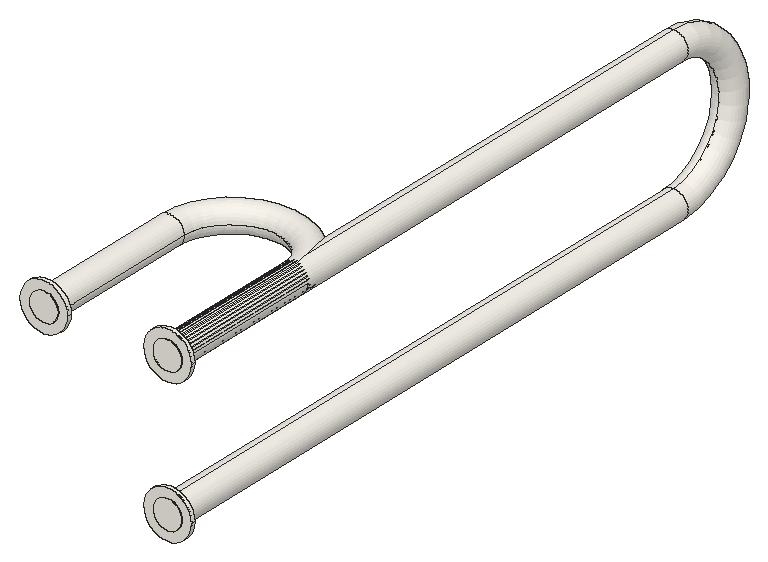
Revit family "Barra para bacia sanitária central", category Generic Models, host Wall, Revit 2016
Family settings
  Host = Wall
  Part Type = Normal
  Can host rebar = No
  Round Connector Dimension = Use Diameter
  Always vertical = Yes
  Cut with Voids When Loaded = No
  Shared = No
  Room Calculation Point = No
Parameters (values of type "60x40cm")
  Raio = 15 cm
  OFCD_Price [instance] = 0
  OFCD_PartNumber = ""
  OFCD_Line_GUID = ""
  OFCD_Line = ""
  OFCD_IsMain [instance] = no
  OFCD_Is3D [instance] = no
  OFCD_Group [instance] = ""
  OFCD_FullPartNumber [instance] = ""
  OFCD_FinishesCodes [instance] = ""
  OFCD_Finishes [instance] = ""
  OFCD_Description = ""
  OFCD_Author_GUID = ""
  OFCD_Author = ""
  Model = ""
  Diâmetro do tubo = 1.8 cm
  Description = ""
  Comprimento = 60 cm
  Barra de apoio = BARRA CROMADA
  Assembly Code = ""
  Altura da barra = 90 cm
  Afastamento = 40 cm
Reference planes (cm)
  plane 1 "Wall": y = 0
  plane 2 "Center (Left/Right)": x = 12.5
  plane 3 "Back": y = 7.5
  plane 4 "Altura": z = 90
Forms (cm)
  Sweep 1, solid, material "BARRA CROMADA" <- "Barra de apoio"
    path origin (35.3894, 12.3061, 60.5) x (0, 0, 1) y (0, 1, 0)
      loop
        line (37.5, -4.8061) -> (37.5, 61.6939)
        arc (37.5, 61.6939) -> (30, 69.1939) -> (22.5, 61.6939) r 7.5
        line (22.5, 61.6939) -> (22.5, -4.8061)
    profile origin (35.3894, 7.5, 98) x (0, 0, -1) y (-1, 0, 0)
      loop
        circle (0, 0) r 1.5
  Extrusion 2, solid, material "BARRA CROMADA"
    sketch origin (35.3894, 7.5, 81.2) x (-1, 0, 0) y (0, 0, -1)
      loop
        circle (0, -1.8) r 2.5
    from 0 to -0.4
  Extrusion 3, solid, material "BARRA CROMADA"
    sketch origin (35.3894, 7.5, 96.2) x (-1, 0, 0) y (0, 0, -1)
      loop
        circle (0, -1.8) r 2.5
    from 0 to -0.4
  Sweep 4, solid, material "BARRA CROMADA" <- "Barra de apoio"
    path origin (-2.1106, 12.3061, 98) x (1, 0, 0) y (0, 1, 0)
      loop
        line (37.5, -4.8061) -> (37.5, 11.6939)
        arc (37.5, 11.6939) -> (31, 18.1939) -> (24.5, 11.6939) r 6.5
        line (24.5, 11.6939) -> (24.5, -4.8061)
    profile origin (35.3894, 7.5, 98) x (-1, 0, 0) y (0, 0, 1)
      loop
        circle (0, 0) r 1.5
  Extrusion 5, solid, material "BARRA CROMADA"
    sketch origin (22.3894, 7.5, 96.2) x (-1, 0, 0) y (0, 0, -1)
      loop
        circle (0, -1.8) r 2.5
    from 0 to -0.4
Text (cm)
  text "Placement Side" at (-184.8837, 111.6779, 0), in view "Ref. Level"
  text "Placement side" at (0, 140.9804, 285.4306), in view "Left"
  text "Placement side" at (0, 49.9811, 298.0732), in view "Right"
Dimensions and locks (cm)
  locked: plane 3 "Back" to host wall
  "Altura da barra": level to plane 4 "Altura"
  Sweep 1 sketch curve to Sweep 1 sketch curve = 15 cm
  Sweep 4 sketch curve to Sweep 4 sketch curve = 13 cm
  aligned and locked: plane 1 "Wall" to host wall
Automatic sketch dimensions
  Sweep 1 sketch curve to plane 3 "Back" = 0 cm  (x2)
  Sweep 1 sketch curve to plane 4 "Altura" = 7 cm
  plane 4 "Altura" to Sweep 1 sketch curve = 0.5 cm
  Sweep 1 sketch curve to plane 3 "Back" = 66.5 cm
  Sweep 1 sketch curve to profile plane = 0 cm
  profile plane to Sweep 1 sketch curve = 0 cm
  plane 3 "Back" to Sweep 4 sketch curve = 0 cm  (x2)
  plane 2 "Center (Left/Right)" to Sweep 4 sketch curve = 9.8894 cm
  Sweep 4 sketch curve to Sweep 4 sketch curve = 6.5 cm
  Sweep 4 sketch curve to plane 3 "Back" = 16.5 cm
  Sweep 4 sketch curve to profile plane = 0 cm  (x2)
  radius of Sweep 1 sketch curve = 1.5 cm
  radius of Sweep 1 to Extrusion 2 sketch curve = 1 cm
  radius of Extrusion 3 sketch curve = 2.5 cm
  radius of Sweep 4 sketch curve = 1.5 cm
  radius of Extrusion 5 sketch curve = 2.5 cm
